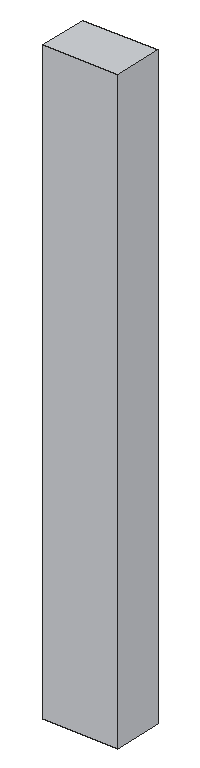
Revit family "Rettangolo_Angoli edificio", category Modelli generici, Revit 2017
Family settings
  Può ospitare armatura = No
  Quota connettore circolare = Usa diametro
  Tipo di parte = Normale
  Basato su piano di lavoro = No
  Sempre verticale = Sì
  Taglio con vuoti quando caricato = No
  Condiviso = No
  Punto di calcolo locali = No
Parameters
  Profond [instance] = Altezza / 12  # 75 mm
  Larghezza [instance] = Altezza / 8  # 112.5 mm
  Altezza [instance] = 900 mm
Reference planes
  plane 1 "Center (Front/Back)": y = 0
  plane 2: z = 0
  plane 3 "Center (Left/Right)": x = 0
  plane 4: x = 112.5
  plane 5: y = 75
  plane 6: z = 900
Forms (mm)
  Extrusion 1, solid
    sketch origin (0, 0, 0) x (1, 0, 0) y (0, 1, 0)
      loop
        line (0, 75) -> (0, 0) -> (112.5, 0) -> (112.5, 75) -> (0, 75)
    from 0 to 900
Dimensions and locks
  "Profond": plane 5 to plane 1 "Center (Front/Back)"
  "Larghezza": plane 3 "Center (Left/Right)" to plane 4
  "Altezza": plane 6 to level
  aligned and locked: level to plane 2
  aligned and locked: plane 5 to Extrusion 1
  aligned and locked: Extrusion 1 to plane 3 "Center (Left/Right)"
  aligned and locked: plane 1 "Center (Front/Back)" to Extrusion 1
  aligned and locked: plane 4 to Extrusion 1
  aligned and locked: Extrusion 1 to plane 6
Automatic sketch dimensions
  plane 1 "Center (Front/Back)" to Extrusion 1 sketch curve = 0 mm
  Extrusion 1 sketch curve to plane 3 "Center (Left/Right)" = 0 mm
  Extrusion 1 sketch curve to plane 4 = 0 mm
  Extrusion 1 sketch curve to plane 5 = 0 mm
